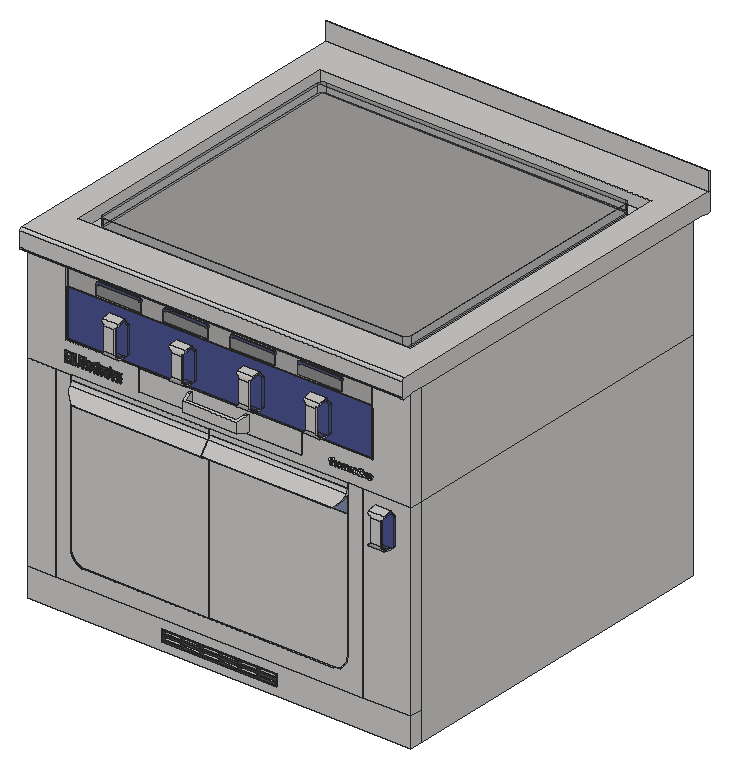
Revit family "QF_ELECTROLUXPROFESSIONAL_588458_MALPEBH4AO", category Attrezzature speciali, Revit 2020 (continued)
Definition of nested family "Front_Panel_W800_Four Knobs"
  Definition of nested family "ELX_Professional_Logo_Small"
    Forms (mm)
      Extrusion 2, solid, material <- "Material_Logo"
        sketch origin (15.5, 0, 0) x (1, 0, 0) y (0, 1, 0)
          loop
            spline (-4.441, -1.243) -> (-4.659, -1.247) -> (-4.894, -1.23) -> (-5.137, -1.19) -> (-5.384, -1.121) -> (-5.628, -1.021) -> (-5.864, -0.884) -> (-6.084, -0.708) -> (-6.283, -0.488) -> (-6.454, -0.219) -> (-6.592, 0.101) -> (-6.69, 0.478) -> (-6.742, 0.914)
            line (-6.742, 0.914) -> (-6.742, 4.587) -> (-4.487, 4.587) -> (-4.487, 6.838) -> (-6.738, 6.838) -> (-6.738, 10.824) -> (-9.217, 10.824) -> (-9.217, 0.773)
            spline (-9.217, 0.773) -> (-9.164, 0.19) -> (-9.068, -0.358) -> (-8.928, -0.87) -> (-8.742, -1.343) -> (-8.511, -1.777) -> (-8.232, -2.168) -> (-7.904, -2.515) -> (-7.527, -2.816) -> (-7.098, -3.069) -> (-6.618, -3.273) -> (-6.084, -3.426) -> (-5.496, -3.525)
            line (-5.496, -3.525) -> (-4.45, -3.573) -> (-4.441, -1.243)
          loop
            spline (3.898, 6.983) -> (3.469, 7.009) -> (3.056, 7.001) -> (2.661, 6.961) -> (2.283, 6.888) -> (1.925, 6.785) -> (1.588, 6.652) -> (1.272, 6.49) -> (0.979, 6.301) -> (0.71, 6.085) -> (0.465, 5.844) -> (0.247, 5.578) -> (0.056, 5.289)
            line (0.056, 5.289) -> (0.056, 6.838) -> (-2.402, 6.838) -> (-2.402, -3.572) -> (0.056, -3.572) -> (0.056, 1.901)
            spline (0.056, 1.901) -> (0.079, 2.316) -> (0.145, 2.703) -> (0.254, 3.06) -> (0.404, 3.386) -> (0.592, 3.679) -> (0.818, 3.938) -> (1.08, 4.162) -> (1.375, 4.348) -> (1.703, 4.495) -> (2.062, 4.602) -> (2.45, 4.668) -> (2.865, 4.69)
            line (2.865, 4.69) -> (3.898, 4.586) -> (3.898, 6.983)
          loop
            spline (15.638, 1.633) -> (15.586, 2.396) -> (15.435, 3.124) -> (15.192, 3.81) -> (14.863, 4.449) -> (14.455, 5.034) -> (13.975, 5.56) -> (13.43, 6.021) -> (12.826, 6.411) -> (12.17, 6.724) -> (11.469, 6.955) -> (10.729, 7.098) -> (9.958, 7.147)
            spline (9.958, 7.147) -> (9.182, 7.098) -> (8.44, 6.955) -> (7.737, 6.724) -> (7.081, 6.411) -> (6.477, 6.021) -> (5.933, 5.56) -> (5.454, 5.034) -> (5.048, 4.449) -> (4.721, 3.81) -> (4.479, 3.124) -> (4.329, 2.396) -> (4.277, 1.633)
            spline (4.277, 1.633) -> (4.329, 0.869) -> (4.479, 0.141) -> (4.721, -0.544) -> (5.048, -1.183) -> (5.454, -1.768) -> (5.933, -2.294) -> (6.477, -2.755) -> (7.081, -3.145) -> (7.737, -3.459) -> (8.44, -3.69) -> (9.182, -3.833) -> (9.958, -3.882)
            spline (9.958, -3.882) -> (10.729, -3.833) -> (11.469, -3.69) -> (12.17, -3.459) -> (12.826, -3.145) -> (13.43, -2.755) -> (13.975, -2.294) -> (14.455, -1.768) -> (14.863, -1.183) -> (15.192, -0.544) -> (15.435, 0.141) -> (15.586, 0.869) -> (15.638, 1.633)
          loop
            spline (13.18, 1.633) -> (13.151, 2.083) -> (13.067, 2.513) -> (12.932, 2.918) -> (12.748, 3.296) -> (12.52, 3.642) -> (12.251, 3.954) -> (11.943, 4.227) -> (11.601, 4.459) -> (11.228, 4.645) -> (10.828, 4.782) -> (10.403, 4.867) -> (9.958, 4.896)
            spline (9.958, 4.896) -> (9.509, 4.867) -> (9.081, 4.782) -> (8.679, 4.645) -> (8.306, 4.459) -> (7.964, 4.227) -> (7.658, 3.954) -> (7.39, 3.642) -> (7.163, 3.296) -> (6.981, 2.918) -> (6.847, 2.513) -> (6.765, 2.083) -> (6.736, 1.633)
            spline (6.736, 1.633) -> (6.765, 1.182) -> (6.847, 0.753) -> (6.981, 0.347) -> (7.163, -0.031) -> (7.39, -0.377) -> (7.658, -0.689) -> (7.964, -0.962) -> (8.306, -1.193) -> (8.679, -1.38) -> (9.081, -1.517) -> (9.509, -1.602) -> (9.958, -1.631)
            spline (9.958, -1.631) -> (10.403, -1.602) -> (10.828, -1.517) -> (11.228, -1.38) -> (11.601, -1.193) -> (11.943, -0.962) -> (12.251, -0.689) -> (12.52, -0.377) -> (12.748, -0.031) -> (12.932, 0.347) -> (13.067, 0.753) -> (13.151, 1.182) -> (13.18, 1.633)
          loop
            line (17.162, 4.269) -> (17.162, -3.573) -> (19.642, -3.573) -> (19.642, 10.824) -> (17.162, 10.824) -> (17.162, 4.269)
          loop
            line (28.581, 6.838) -> (28.581, 0.786)
            spline (28.581, 0.786) -> (28.561, 0.393) -> (28.503, 0.038) -> (28.409, -0.279) -> (28.281, -0.559) -> (28.122, -0.802) -> (27.933, -1.011) -> (27.717, -1.185) -> (27.476, -1.325) -> (27.213, -1.433) -> (26.929, -1.509) -> (26.626, -1.554) -> (26.308, -1.569)
            spline (26.308, -1.569) -> (25.99, -1.554) -> (25.688, -1.509) -> (25.404, -1.434) -> (25.141, -1.326) -> (24.9, -1.187) -> (24.684, -1.014) -> (24.496, -0.807) -> (24.336, -0.565) -> (24.209, -0.288) -> (24.115, 0.026) -> (24.057, 0.376) -> (24.037, 0.765)
            line (24.037, 0.765) -> (24.037, 6.838) -> (21.537, 6.838) -> (21.537, 0.558)
            spline (21.537, 0.558) -> (21.581, -0.153) -> (21.71, -0.8) -> (21.916, -1.384) -> (22.195, -1.904) -> (22.54, -2.362) -> (22.944, -2.757) -> (23.403, -3.09) -> (23.909, -3.362) -> (24.456, -3.572) -> (25.04, -3.722) -> (25.652, -3.811) -> (26.288, -3.841)
            spline (26.288, -3.841) -> (26.929, -3.811) -> (27.547, -3.72) -> (28.135, -3.568) -> (28.687, -3.355) -> (29.197, -3.079) -> (29.66, -2.741) -> (30.068, -2.341) -> (30.415, -1.877) -> (30.696, -1.349) -> (30.905, -0.757) -> (31.034, -0.101) -> (31.079, 0.621)
            line (31.079, 0.621) -> (31.079, 6.838) -> (28.581, 6.838)
          loop
            line (40.457, -0.243) -> (38.894, 1.942) -> (40.83, 4.579) -> (42.488, 6.837) -> (39.782, 6.837) -> (37.53, 3.719) -> (35.258, 6.837) -> (32.573, 6.837) -> (34.113, 4.731) -> (36.167, 1.922) -> (34.014, -1.076) -> (32.222, -3.573) -> (34.887, -3.573) -> (37.53, 0.104) -> (40.174, -3.573) -> (42.839, -3.573) -> (40.457, -0.243)
          loop
            line (-46.121, -5.837) -> (-48.039, -5.837) -> (-48.039, -10.814) -> (-47.016, -10.814) -> (-47.016, -9.128) -> (-46.121, -9.128)
            arc (-46.121, -9.128) -> (-44.476, -7.482) -> (-46.121, -5.837) r 1.645
          loop
            line (-46.163, -6.778) -> (-47.016, -6.778) -> (-47.016, -8.187) -> (-46.163, -8.187)
            arc (-46.163, -8.187) -> (-45.458, -7.482) -> (-46.163, -6.778) r 0.704
          loop
            line (-38.313, -5.837) -> (-40.265, -5.837) -> (-40.265, -10.814) -> (-39.241, -10.814) -> (-39.241, -9.1) -> (-38.46, -9.182) -> (-37.48, -10.814) -> (-36.318, -10.814) -> (-37.513, -8.848)
            arc (-37.513, -8.848) -> (-36.888, -8.266) -> (-36.671, -7.441) r 1.536
            arc (-36.671, -7.441) -> (-37.165, -6.305) -> (-38.313, -5.837) r 1.643
          loop
            arc (-38.402, -8.166) -> (-37.707, -7.505) -> (-38.334, -6.778) r 0.696
            line (-38.334, -6.778) -> (-39.241, -6.778) -> (-39.241, -8.166) -> (-38.402, -8.166)
          loop
            circle (-29.965, -8.325) r 2.585
          loop
            circle (-29.965, -8.325) r 1.64
          loop
            line (-23.1, -5.837) -> (-23.1, -10.814) -> (-22.076, -10.814) -> (-22.076, -8.768) -> (-20.204, -8.768) -> (-20.204, -7.828) -> (-22.076, -7.828) -> (-22.076, -6.778) -> (-20.024, -6.778) -> (-20.024, -5.837) -> (-23.1, -5.837)
          loop
            line (-15.802, -5.837) -> (-15.802, -9.2)
            arc (-15.802, -9.2) -> (-15.343, -10.34) -> (-14.209, -10.814) r 1.593
            line (-14.209, -10.814) -> (-12.602, -10.814) -> (-12.602, -10.027) -> (-14.004, -10.027)
            arc (-14.004, -10.027) -> (-14.552, -9.8) -> (-14.779, -9.252) r 0.775
            line (-14.779, -9.252) -> (-14.779, -8.424) -> (-12.789, -8.424) -> (-12.789, -7.642) -> (-14.779, -7.642) -> (-14.779, -6.778) -> (-12.651, -6.778) -> (-12.651, -5.837) -> (-15.802, -5.837)
          loop
            line (-5.909, -7.143) -> (-5.173, -6.638)
            arc (-5.173, -6.638) -> (-5.855, -5.974) -> (-6.781, -5.755) r 1.782
            arc (-6.781, -5.755) -> (-7.397, -5.878) -> (-7.944, -6.189) r 1.974
            arc (-7.944, -6.189) -> (-8.202, -6.5) -> (-8.317, -6.888) r 1.013
            arc (-8.317, -6.888) -> (-8.306, -7.341) -> (-8.192, -7.78) r 1.985
            arc (-8.192, -7.78) -> (-7.749, -8.259) -> (-7.171, -8.563) r 1.928
            arc (-7.171, -8.563) -> (-6.637, -8.779) -> (-6.131, -9.056) r 5.041
            arc (-6.131, -9.056) -> (-5.934, -9.387) -> (-6.09, -9.74) r 0.42
            arc (-6.09, -9.74) -> (-6.631, -9.96) -> (-7.204, -9.845) r 1.016
            arc (-7.204, -9.845) -> (-7.625, -9.603) -> (-7.889, -9.196) r 1.033
            line (-7.889, -9.196) -> (-8.67, -9.686)
            arc (-8.67, -9.686) -> (-8.361, -10.198) -> (-7.908, -10.589) r 1.914
            arc (-7.908, -10.589) -> (-7.334, -10.834) -> (-6.714, -10.896) r 2.063
            arc (-6.714, -10.896) -> (-5.947, -10.743) -> (-5.256, -10.376) r 2.696
            arc (-5.256, -10.376) -> (-4.95, -9.565) -> (-5.108, -8.712) r 1.618
            arc (-5.108, -8.712) -> (-5.448, -8.319) -> (-5.884, -8.035) r 1.876
            arc (-5.884, -8.035) -> (-6.434, -7.789) -> (-6.999, -7.577) r 9.883
            arc (-6.999, -7.577) -> (-7.325, -7.07) -> (-6.854, -6.694) r 0.45
            arc (-6.854, -6.694) -> (-6.329, -6.809) -> (-5.909, -7.143) r 1.197
          loop
            line (1.61, -7.143) -> (2.345, -6.638)
            arc (2.345, -6.638) -> (1.663, -5.974) -> (0.737, -5.755) r 1.782
            arc (0.737, -5.755) -> (0.121, -5.878) -> (-0.425, -6.189) r 1.974
            arc (-0.425, -6.189) -> (-0.683, -6.5) -> (-0.799, -6.888) r 1.013
            arc (-0.799, -6.888) -> (-0.788, -7.341) -> (-0.674, -7.78) r 1.985
            arc (-0.674, -7.78) -> (-0.231, -8.259) -> (0.347, -8.563) r 1.928
            arc (0.347, -8.563) -> (0.881, -8.779) -> (1.387, -9.056) r 5.041
            arc (1.387, -9.056) -> (1.584, -9.387) -> (1.428, -9.74) r 0.42
            arc (1.428, -9.74) -> (0.887, -9.96) -> (0.314, -9.845) r 1.016
            arc (0.314, -9.845) -> (-0.107, -9.603) -> (-0.371, -9.196) r 1.033
            line (-0.371, -9.196) -> (-1.152, -9.686)
            arc (-1.152, -9.686) -> (-0.842, -10.198) -> (-0.39, -10.589) r 1.914
            arc (-0.39, -10.589) -> (0.184, -10.834) -> (0.804, -10.896) r 2.063
            arc (0.804, -10.896) -> (1.572, -10.743) -> (2.263, -10.376) r 2.696
            arc (2.263, -10.376) -> (2.568, -9.565) -> (2.411, -8.712) r 1.618
            arc (2.411, -8.712) -> (2.07, -8.319) -> (1.635, -8.035) r 1.876
            arc (1.635, -8.035) -> (1.084, -7.789) -> (0.519, -7.577) r 9.883
            arc (0.519, -7.577) -> (0.193, -7.07) -> (0.665, -6.694) r 0.45
            arc (0.665, -6.694) -> (1.189, -6.809) -> (1.61, -7.143) r 1.197
          loop
            line (6.801, -5.837) -> (6.801, -10.814) -> (7.825, -10.814) -> (7.825, -5.837) -> (6.801, -5.837)
          loop
            circle (14.724, -8.325) r 1.548
          loop
            circle (14.724, -8.325) r 2.585
          loop
            line (21.59, -10.814) -> (22.623, -10.814) -> (22.623, -7.685) -> (24.9, -10.814) -> (25.895, -10.814) -> (25.895, -5.837) -> (24.861, -5.837) -> (24.861, -9.061) -> (22.585, -5.837) -> (21.59, -5.837) -> (21.59, -10.814)
          loop
            line (31.054, -10.814) -> (31.539, -9.74) -> (33.38, -9.74) -> (33.865, -10.814) -> (34.965, -10.814) -> (32.46, -5.837) -> (29.956, -10.814) -> (31.054, -10.814)
          loop
            line (32.46, -7.698) -> (31.999, -8.719) -> (32.921, -8.719) -> (32.46, -7.698)
          loop
            line (40.047, -9.873) -> (40.047, -5.837) -> (39.024, -5.837) -> (39.024, -10.814) -> (41.961, -10.814) -> (41.961, -9.873) -> (40.047, -9.873)
          loop
            line (-74.986, -10.814) -> (-53.322, -10.814) -> (-53.322, 10.82) -> (-74.986, 10.82) -> (-74.986, -10.814)
          loop
            line (-61.261, 9.758) -> (-61.261, -9.707)
            arc (-61.261, -9.707) -> (-54.066, 0.025) -> (-61.261, 9.758) r 10.18
          loop
            line (-62.251, 8.349) -> (-62.251, 9.758)
            arc (-62.251, 9.758) -> (-70.347, 7.918) -> (-74.247, 0.59) r 9.976
            line (-74.247, 0.59) -> (-71.026, 0.59)
            arc (-71.026, 0.59) -> (-65.274, 2.925) -> (-62.251, 8.349) r 9.351
          loop
            arc (-74.247, -0.539) -> (-70.353, -7.928) -> (-62.251, -9.957) r 10.237
            line (-62.251, -9.957) -> (-62.251, -8.298)
            arc (-62.251, -8.298) -> (-65.274, -2.874) -> (-71.026, -0.539) r 9.351
            line (-71.026, -0.539) -> (-74.247, -0.539)
        from 0 to 1.644
    Dimensions and locks
      aligned and locked: plane 2 to Extrusion 1
      aligned and locked: level to Extrusion 1
Definition of nested family "H450H2_2DOOR"
  Parameters
    Width [instance] = 580 mm
    Wdoor [instance] = Width / 2  # 290 mm
    Show Clearance [instance] = yes
    Model = "727995"
    Height = 450 mm
    Default Elevation = 0 mm
  Reference planes
    plane 1 "Center (Front/Back)": y = 0
    plane 2: z = 0
    plane 3 "Center (Left/Right)": x = 36.042
    plane 4 "panel": z = 25
    plane 5: x = -253.958
    plane 6: x = 326.042
    plane 7: y = 450
    plane 8: z = 290
    plane 9: z = 45
  Forms (mm)
    Extrusion 1, solid
      sketch origin (0, -919.2, 0) x (1, 0, 0) y (0, 1, 0)
        loop
          line (-980.5, 2119.2) -> (-980.5, -162.846) -> (881.94, -162.846) -> (881.94, 2119.2) -> (-980.5, 2119.2)
      from 0 to -59.546
    Extrusion 2, solid
      sketch origin (0, 0, 0) x (1, 0, 0) y (0, 1, 0)
        loop
          line (324.042, 393) -> (37.042, 393) -> (37.042, 97) -> (294.042, 97)
          arc (294.042, 97) -> (315.255, 105.787) -> (324.042, 127) r 30
          line (324.042, 127) -> (324.042, 393)
        loop
          arc (-251.958, 127) -> (-243.171, 105.787) -> (-221.958, 97) r 30
          line (-221.958, 97) -> (35.042, 97) -> (35.042, 393) -> (-251.958, 393) -> (-251.958, 127)
      from 0 to 25
    Extrusion 3, solid
      sketch origin (0, 0, 0) x (1, 0, 0) y (0, 1, 0)
        loop
          line (-251.958, 393) -> (35.042, 393) -> (35.042, 440) -> (-251.958, 440) -> (-251.958, 393)
        loop
          line (37.042, 440) -> (37.042, 393) -> (324.042, 393) -> (324.042, 440) -> (37.042, 440)
      from 0 to 25
    Extrusion 4, solid
      sketch origin (5.581, 79.805, 0) x (1, 0, 0) y (0, 1, 0)
        loop
          line (-257.539, 360.195) -> (29.461, 360.195) -> (29.461, 370.195) -> (-257.539, 370.195) -> (-257.539, 360.195)
        loop
          line (31.461, 370.195) -> (31.461, 360.195) -> (318.461, 360.195) -> (318.461, 370.195) -> (31.461, 370.195)
      from 0 to 25
    Extrusion 5, solid
      sketch origin (36.042, 0, 0) x (0, 1, 0) y (0, 0, 1)
        loop
          line (426.693, 25) -> (440.02, 25)
          arc (440.02, 25) -> (435.261, 25.775) -> (430.993, 28.02) r 15
          line (430.993, 28.02) -> (406.653, 46.362) -> (403.644, 42.369) -> (426.693, 25)
      from 1 to 288
    Extrusion 6, solid
      sketch origin (36.042, 0, 0) x (0, 1, 0) y (0, 0, 1)
        loop
          line (426.693, 25) -> (440.02, 25)
          arc (440.02, 25) -> (435.261, 25.775) -> (430.993, 28.02) r 15
          line (430.993, 28.02) -> (406.653, 46.362) -> (403.644, 42.369) -> (426.693, 25)
      from -288 to -1
    Extrusion 7, void
      sketch origin (0, 0, 0) x (1, 0, 0) y (0, 1, 0)
        loop
          arc (324.042, 426.693) -> (314.508, 412.772) -> (300.317, 403.644) r 42.603
          line (300.317, 403.644) -> (324.042, 403.644) -> (324.042, 426.693)
      from 0 to 47.9
    Extrusion 8, void
      sketch origin (72.084, 0, 0) x (-1, 0, 0) y (0, -1, 0)
        loop
          line (324.042, -426.693) -> (324.042, -403.644) -> (300.317, -403.644)
          arc (300.317, -403.644) -> (314.508, -412.772) -> (324.042, -426.693) r 42.603
      from 0 to 47.9
    Extrusion 9, solid, detail levels coarse
      sketch origin (0, 0, 0) x (1, 0, 0) y (0, 0, 1)
        loop
          arc (36.042, 25) -> (-41.575, 212.383) -> (-228.958, 290) r 265
          line (-228.958, 290) -> (-228.958, 25) -> (36.042, 25)
      from -450 to -97
    Extrusion 10, solid, detail levels coarse
      sketch origin (0, 0, 0) x (1, 0, 0) y (0, 0, 1)
        loop
          arc (301.042, 290) -> (113.659, 212.383) -> (36.042, 25) r 265
          line (36.042, 25) -> (301.042, 25) -> (301.042, 290)
      from -450 to -97
  Cuts and joins
    Extrusion 8 cuts Extrusion 6
    Extrusion 7 cuts Extrusion 5
  Lines and regions (mm)
    symbolic lines
      curve 1: line (326.042, 0, 45) -> (326.042, 0, 290)
      curve 2: line (301.042, 0, 45) -> (301.042, 0, 290)
      curve 3: line (326.042, 0, 290) -> (301.042, 0, 290)
      curve 4: line (-253.958, 0, 45) -> (-253.958, 0, 290)
      curve 5: line (-228.958, 0, 45) -> (-228.958, 0, 290)
      curve 6: line (-253.958, 0, 290) -> (-228.958, 0, 290)
      curve 7: arc (301.042, 0, 290) -> (120.901, 0, 219.356) -> (36.804, 0, 45.088) r 265
      curve 8: arc (35.286, 0, 44.997) -> (-48.783, 0, 219.325) -> (-228.958, 0, 290) r 265
  Dimensions and locks
    plane 4 "panel" to level = 25 mm
    "Width": plane 5 to plane 6
    equal spacing: plane 5, plane 3 "Center (Left/Right)", plane 6
    "Height": plane 1 "Center (Front/Back)" to plane 7
    locked: plane 5 to Extrusion 2 sketch curve at 2
    locked: Extrusion 2 sketch curve to plane 6 at 2
    locked: plane 1 "Center (Front/Back)" to Extrusion 2 sketch curve at 97
    locked: plane 7 to Extrusion 2 sketch curve at 57
    locked: Extrusion 2 sketch curve to plane 3 "Center (Left/Right)" at 1
    locked: plane 3 "Center (Left/Right)" to Extrusion 2 sketch curve at 1
    Extrusion 3 sketch curve to Extrusion 2 = 47 mm
    "Wdoor": plane 8 to level
    locked: curve 2 to curve 1 at 25
    locked: curve 5 to curve 4 at 25
    plane 4 "panel" to plane 9 = 20 mm
    aligned and locked: plane 2 to Extrusion 1
    aligned and locked: level to Extrusion 1
    aligned and locked: plane 4 "panel" to Extrusion 2
    aligned and locked: Extrusion 2 to Extrusion 3 sketch curve
    aligned and locked: Extrusion 3 sketch curve to Extrusion 2  (x2)
    aligned and locked: Extrusion 3 sketch curve to Extrusion 3 sketch curve
    aligned and locked: plane 4 "panel" to Extrusion 3
    aligned and locked: Extrusion 4 sketch curve to Extrusion 4 sketch curve
    aligned and locked: Extrusion 4 sketch curve to Extrusion 3  (x3)
    aligned and locked: Extrusion 3 to Extrusion 4 sketch curve
    aligned and locked: Extrusion 4 sketch curve to plane 7
    aligned and locked: Extrusion 3 to Extrusion 5
    aligned and locked: Extrusion 5 to Extrusion 3
    aligned and locked: Extrusion 6 to Extrusion 3
    aligned and locked: Extrusion 3 to Extrusion 6
    aligned and locked: Extrusion 7 sketch curve to Extrusion 5
    aligned and locked: Extrusion 8 to Extrusion 6
    aligned and locked: Extrusion 4 to Extrusion 8
    aligned and locked: Extrusion 2 to Extrusion 7
    aligned and locked: Extrusion 7 to Extrusion 5
    aligned and locked: Extrusion 4 to Extrusion 3  (x2)
    aligned and locked: Extrusion 3 to Extrusion 2
    aligned and locked: Extrusion 4 to Extrusion 2
    aligned and locked: curve 3 to plane 8
    aligned and locked: curve 1 to plane 6
    aligned and locked: curve 4 to plane 5
    aligned and locked: Extrusion 9 sketch curve to plane 4 "panel"
    aligned and locked: Extrusion 10 sketch curve to curve 7
    aligned and locked: Extrusion 10 sketch curve to curve 2
    aligned and locked: Extrusion 2 to Extrusion 9
    aligned and locked: Extrusion 2 to Extrusion 10
    aligned and locked: plane 7 to Extrusion 9
    aligned and locked: Extrusion 3 to Extrusion 4
  Automatic sketch dimensions
    Extrusion 1 sketch curve to Extrusion 1 sketch curve = 1862.44 mm
    Extrusion 1 sketch curve to Extrusion 1 sketch curve = 2282.046 mm
    Extrusion 2 sketch curve to Extrusion 2 sketch curve = 30 mm  (x2)
    Extrusion 2 sketch curve to plane 1 "Center (Front/Back)" = 97 mm
    Extrusion 2 sketch curve to Extrusion 2 sketch curve = 0 mm
    Extrusion 3 sketch curve to plane 3 "Center (Left/Right)" = 1 mm
    plane 5 to Extrusion 3 sketch curve = 2 mm
    Extrusion 3 sketch curve to Extrusion 3 sketch curve = 0 mm
    Extrusion 5 sketch curve to plane 4 "panel" = 0 mm
    plane 4 "panel" to Extrusion 5 sketch curve = 17.369 mm
    Extrusion 5 sketch curve to plane 7 = 46.356 mm
    plane 4 "panel" to Extrusion 5 sketch curve = 21.362 mm
    Extrusion 5 sketch curve to Extrusion 5 sketch curve = 3.009 mm
    plane 4 "panel" to Extrusion 5 sketch curve = 3.02 mm
    Extrusion 5 sketch curve to Extrusion 5 sketch curve = 9.027 mm
    Extrusion 6 sketch curve to plane 4 "panel" = 0 mm
    plane 4 "panel" to Extrusion 6 sketch curve = 17.369 mm
    Extrusion 6 sketch curve to plane 7 = 46.356 mm
    plane 4 "panel" to Extrusion 6 sketch curve = 21.362 mm
    Extrusion 6 sketch curve to Extrusion 6 sketch curve = 3.009 mm
    plane 4 "panel" to Extrusion 6 sketch curve = 3.02 mm
    Extrusion 6 sketch curve to Extrusion 6 sketch curve = 9.027 mm
    Extrusion 7 sketch curve to Extrusion 7 sketch curve = 23.725 mm
    Extrusion 7 sketch curve to plane 7 = 6.671 mm
    Extrusion 7 sketch curve to plane 6 = 41.221 mm
    Extrusion 7 sketch curve to plane 7 = 23.307 mm
    plane 7 to Extrusion 8 sketch curve = 6.671 mm
    Extrusion 8 sketch curve to plane 5 = 41.221 mm
    Extrusion 8 sketch curve to plane 5 = 25.725 mm
    Extrusion 8 sketch curve to plane 5 = 2 mm
    plane 7 to Extrusion 8 sketch curve = 23.307 mm
    Extrusion 4 sketch curve to Extrusion 4 sketch curve = 10 mm
    Extrusion 4 sketch curve to plane 7 = 10 mm
    curve 2 to plane 9 = 0 mm
    curve 5 to plane 9 = 0 mm
    curve 4 to plane 9 = 0 mm
    curve 1 to plane 9 = 0 mm
    curve 8 to plane 4 "panel" = 0 mm
    curve 5 to plane 8 = 0 mm
    curve 8 to plane 9 = 0.003 mm
    curve 7 to plane 4 "panel" = 0 mm
    plane 9 to curve 7 = 0.088 mm
Definition of nested family "Warm"
  Reference planes
    plane 1 "Center (Front/Back)": y = 0
    plane 2: z = 0
    plane 3 "Center (Left/Right)": x = 0
  Lines and regions (mm)
    detail lines, in view "Ref. Level"
      curve 1: circle (-165.742, 180.331, 0) r 45 normal (0, 0, 1)
      curve 2: line (-165.742, 125.331, 0) -> (-165.742, 80.331, 0)
      curve 3: line (-165.742, 235.331, 0) -> (-165.742, 280.331, 0)
      curve 4: line (-105.742, 180.331, 0) -> (-65.742, 180.331, 0)
      curve 5: line (-220.742, 180.331, 0) -> (-265.742, 180.331, 0)
      curve 6: line (-126.851, 141.44, 0) -> (-95.031, 109.62, 0)
      curve 7: line (-204.632, 219.221, 0) -> (-236.452, 251.041, 0)
      curve 8: line (-126.851, 219.221, 0) -> (-95.031, 251.041, 0)
      curve 9: line (-204.632, 141.44, 0) -> (-236.452, 109.62, 0)
